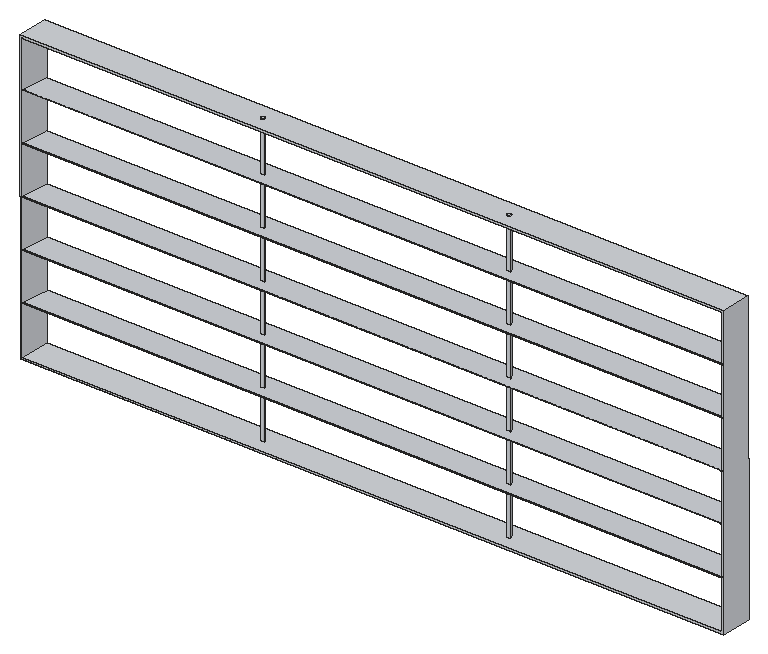
Revit family "WLV_A3-Main-Entrance-Louvre-12285wx941h", category Generic Models, Revit 2016
Family settings
  Part Type = Normal
  Can host rebar = No
  Round Connector Dimension = Use Diameter
  Work Plane-Based = No
  Always vertical = Yes
  Cut with Voids When Loaded = No
  Shared = No
  Room Calculation Point = No
Parameters (values of type "Main Entrance")
  Width = 2285 mm
  Sill Height = 0 mm
  Louvre Depth = 0 mm
  Height = 0 mm
  Frame Depth = 0 mm
  Edge Dist = 0 mm
  Assembly Code = ""
Reference planes
  plane 1 "Center (Front/Back)": y = 0
  plane 2: z = 0
  plane 3 "Center (Left/Right)": x = 0
  plane 4 "Top": z = 1265.569
  plane 5: z = 1265.569
  plane 6: z = 1265.569
  plane 7: z = 1265.569
  plane 8: z = 545.569
  plane 9: z = 390.569
  plane 10: z = 235.569
  plane 11: x = 1129.468
  plane 12: x = -1155.532
  plane 13: z = 696.069
  plane 14: x = -408.032
  plane 15: x = 391.968
Forms (mm)
  Sweep 1, solid
    path origin (7.811, 0, -29.431) x (0, 0, -1) y (-1, 0, 0)
      loop
        line (-255, -1121.657) -> (-255, 1163.343) -> (-1196, 1163.343) -> (-1196, -1121.657) -> (-255, -1121.657)
    profile origin (-13.032, 0, 225.569) x (0, 0, 1) y (0, 1, 0)
      loop
        line (5, 50) -> (0, 50) -> (0, -50) -> (5, -50) -> (5, 50)
  Extrusion 2, solid
    sketch origin (-10.532, -15.028, 75.352) x (0, 1, 0) y (0, 0, 1)
      loop
        line (64.74, 305.516) -> (64.879, 307.11) -> (-34.74, 315.826) -> (-34.879, 314.232) -> (64.74, 305.516)
    from -1140 to 1135
  Extrusion 3, solid
    sketch origin (-392.189, 0, -29.431) x (1, 0, 0) y (0, 1, 0)
      loop
        circle (-15.843, 0) r 6
    from 255 to 1196
  Extrusion 4, solid, not visible
    sketch origin (-8.032, -15.028, 70.598) x (0, 1, 0) y (0, 0, 1)
      loop
        line (64.74, 305.516) -> (64.879, 307.11) -> (-34.74, 315.826) -> (-34.879, 314.232) -> (64.74, 305.516)
    from -1140 to 1135
  Extrusion 5, solid
    sketch origin (407.811, 0, -29.431) x (1, 0, 0) y (0, 1, 0)
      loop
        circle (-15.843, 0) r 6
    from 255 to 1196
  Extrusion 6, solid
    sketch origin (-9.907, -15.028, 230.352) x (0, 1, 0) y (0, 0, 1)
      loop
        line (64.74, 305.516) -> (64.879, 307.11) -> (-34.74, 315.826) -> (-34.879, 314.232) -> (64.74, 305.516)
    from -1140 to 1135
  Extrusion 7, solid
    sketch origin (-9.282, -15.028, 385.352) x (0, 1, 0) y (0, 0, 1)
      loop
        line (64.74, 305.516) -> (64.879, 307.11) -> (-34.74, 315.826) -> (-34.879, 314.232) -> (64.74, 305.516)
    from -1140 to 1135
  Extrusion 8, solid
    sketch origin (-8.657, -15.028, 540.352) x (0, 1, 0) y (0, 0, 1)
      loop
        line (64.74, 305.516) -> (64.879, 307.11) -> (-34.74, 315.826) -> (-34.879, 314.232) -> (64.74, 305.516)
    from -1140 to 1135
  Extrusion 9, solid
    sketch origin (-8.032, -15.028, 695.352) x (0, 1, 0) y (0, 0, 1)
      loop
        line (64.74, 305.516) -> (64.879, 307.11) -> (-34.74, 315.826) -> (-34.879, 314.232) -> (64.74, 305.516)
    from -1140 to 1135
Text (mm)
  text "External" at (-640.293, -281.39, 0), in view "Ref. Level"
Dimensions and locks
  "Height": plane 5 to plane 4 "Top"
  "Edge Dist": plane 4 "Top" to plane 7
  "Edge Dist": plane 6 to plane 5
  plane 12 to plane 11 = 2285 mm
  Sweep 1 to Sweep 1 = 931 mm
  equal spacing: Sweep 1, plane 13, Sweep 1
  equal spacing: group 1, group 3, group 4, group 5, group 6  (x3)
  Sweep 1 to plane 14 to plane 15 to Sweep 1 = 747.5 mm, 800 mm, 737.5 mm
  Sweep 1 to Sweep 1 = 2275 mm
  "Width": plane 12 to plane 11
  aligned and locked: level to plane 2
  aligned and locked: Sweep 1 to Extrusion 3  (x2)
  aligned and locked: Sweep 1 to Extrusion 5  (x2)
  aligned and locked: Sweep 1 sketch curve to plane 12
  aligned and locked: Sweep 1 sketch curve to plane 11
  aligned and locked: Extrusion 2 to Sweep 1  (x2)
Automatic sketch dimensions
  plane 4 "Top" to Sweep 1 sketch curve = 99 mm
  plane 10 to Sweep 1 sketch curve = 10 mm
  plane 1 "Center (Front/Back)" to Extrusion 3 sketch curve = 0 mm
  Extrusion 3 sketch curve to plane 3 "Center (Left/Right)" = 408.032 mm
  plane 1 "Center (Front/Back)" to Extrusion 5 sketch curve = 0 mm
  plane 3 "Center (Left/Right)" to Extrusion 5 sketch curve = 391.968 mm
  profile plane to Sweep 1 sketch curve = 0 mm
  Sweep 1 sketch curve to profile plane = 5 mm
  Sweep 1 sketch curve to profile plane = 50 mm
  profile plane to Sweep 1 sketch curve = 50 mm
  radius of Extrusion 3 sketch curve = 6 mm
  radius of Extrusion 5 sketch curve = 6 mm
